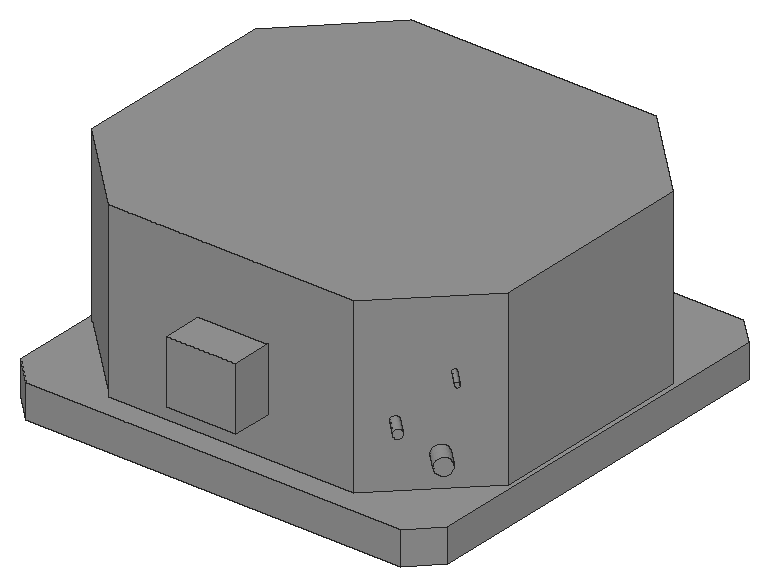
Revit family "Trane_TVR_Indoor_Compact 4-way Cassette_4TVB0007(09,12,15)EF000AA(2nd DC)", category Equipamento mecânico, Revit 2019
Family settings
  Cota do conector redondo = Utilizar diâmetro
  Tipo de parte = Normal
  Número OmniClass = 23.75.00.00
  Título OmniClass = Climate Control (HVAC)
  Com base no plano de trabalho = Não
  Sempre na vertical = Sim
  Corte com vazios quando carregada = Não
  Compartilhado = Não
  Ponto de cálculo do ambiente = Não
Parameters (values of type "4TVB0015EF000AA")
  clearance access right = 1000.000 mm
  clearance access left = 1000.000 mm
  clearance access front = 1000.000 mm
  clearance access behind = 1000.000 mm
  clearance [instance] = no
  Width = 630.000 mm
  URL = "https://www.trane.com/commercial/latin-america/br/pt.html"
  Series = "TVR ULTRA"
  Power supply = "220-240V ~50/60Hz"
  Panel color = "S1004"
  Net Weight = 19.20 kg
  Modelo = "4TVB0015EF000AA"
  Minimum Circuit Amps = 0.480 A
  Maximum Fuse Amps = 15.000 A
  Fabricante = "Trane"
  Machine material = grilles：ABS/HIPS
  Liquid pipe = 6.350 mm
  Installation = "Indoor installation"
  Height = 260.000 mm
  Heating Power Input = 50 W
  Heating Capacity = 5 kW
  Gas pipe = 12.700 mm
  Gas = "R410a"
  Drain pipe = 32.000 mm
  Descrição = "High efficiency air cooled"
  Depth = 570.000 mm
  Cooling Power Input = 50 W
  Cooling Capacity = 4.5 kW
  Condensation = "air"
  Air Flow = "521/485/450/409/380/350/314m3/h"
Types (5, lengths in mm): name | Net Weight | Modelo | Minimum Circuit Amps | Heating Power Input | Heating Capacity | Cooling Power Input | Cooling Capacity | Air Flow
  (no name) | 19.20 kg | "4TVB0015EF000AA" | 0.480 A | 50 W | 5 kW | 50 W | 4.5 kW | "521/485/450/409/380/350/314m3/h"
  4TVB0007EF000AA | 18.00 kg | "4TVB0007EF000AA" | 0.430 A | 35 W | 2.4 kW | 35 W | 2.2 kW | "414/380/345/313/288/268/238m3/h"
  4TVB0009EF000AA | 18.00 kg | "4TVB0009EF000AA" | 0.430 A | 35 W | 3.2 kW | 35 W | 2.8 kW | "414/380/345/313/288/268/238m3/h"
  4TVB0012EF000AA | 19.20 kg | "4TVB0012EF000AA" | 0.480 A | 40 W | 4 kW | 40 W | 3.6 kW | "521/485/450/409/380/350/314m3/h"
  4TVB0015EF000AA | 19.20 kg | "4TVB0015EF000AA" | 0.480 A | 50 W | 5 kW | 50 W | 4.5 kW | "521/485/450/409/380/350/314m3/h"
Reference planes
  plane 1 "中心(前/后)": y = 0
  plane 2: z = 0
  plane 3 "中心(左/右)": x = 0
  plane 4: x = 323.5
Forms (mm)
  Extrusion 1, solid, material "grilles：ABS/HIPS" <- "Machine material", detail levels medium+fine
    sketch origin (0, 0, 0) x (1, 0, 0) y (0, 1, 0)
      loop
        line (-315, 155) -> (-315, -155) -> (-185, -285) -> (185, -285) -> (315, -155) -> (315, 155) -> (185, 285) -> (-185, 285) -> (-315, 155)
    from 50 to 310
  Extrusion 2, solid, material "grilles：ABS/HIPS" <- "Machine material", detail levels medium+fine
    sketch origin (0, 3.5, 0) x (1, 0, 0) y (0, 1, 0)
      loop
        line (-323.5, 283.5) -> (-323.5, -283.5) -> (-283.5, -323.5) -> (283.5, -323.5) -> (323.5, -283.5) -> (323.5, 283.5) -> (283.5, 323.5) -> (-283.5, 323.5) -> (-323.5, 283.5)
    from 50 to 0
  Extrusion 3, solid, material "grilles：ABS/HIPS" <- "Machine material", detail levels fine
    sketch origin (235.178, -267.322, 1243.75) x (-0.707107, -0.707107, 0) y (0, 0, 1)
      loop
        circle (-54.639, -1145.758) r 12.5
    from -11.86 to 22.981
  Extrusion 4, solid, material "grilles：ABS/HIPS" <- "Machine material", detail levels fine
    sketch origin (242.574, -227.426, 37.5) x (-0.707107, -0.707107, 0) y (0, 0, -1)
      loop
        circle (33.118, -108.167) r 6.35
    from 0 to 34.841
  Extrusion 5, solid, material "grilles：ABS/HIPS" <- "Machine material", detail levels fine
    sketch origin (270.858, -199.142, 50) x (-0.707107, -0.707107, 0) y (0, 0, -1)
      loop
        circle (2.293, -158.033) r 3.175
    from 0 to 34.841
  Extrusion 6, solid, material "grilles：ABS/HIPS" <- "Machine material", detail levels fine
    sketch origin (0, 0, 0) x (1, 0, 0) y (0, 1, 0)
      loop
        line (-50, -285) -> (-50, -345) -> (55, -345) -> (55, -285) -> (-50, -285)
    from 110.028 to 205.396
Lines and regions (mm)
  model lines, detail levels fine
    curve 1: circle (293.873, -225.399, 208.033) r 1.35 normal (0.7071, -0.7071, 0)
    curve 2: line (-160, 203.5, 0) -> (160, 203.5, 0)
    curve 3: line (200, 163.5, 0) -> (200, -156.5, 0)
    curve 4: line (160, -196.5, 0) -> (-160, -196.5, 0)
    curve 5: line (-200, -156.5, 0) -> (-200, 163.5, 0)
    curve 6: arc (160, 203.5, 0) -> (188.284, 191.784, 0) -> (200, 163.5, 0) r 40
    curve 7: arc (200, -156.5, 0) -> (188.284, -184.784, 0) -> (160, -196.5, 0) r 40
    curve 8: arc (-160, -196.5, 0) -> (-188.284, -184.784, 0) -> (-200, -156.5, 0) r 40
    curve 9: arc (-160, 203.5, 0) -> (-188.284, 191.784, 0) -> (-200, 163.5, 0) r 40
    curve 10: line (-180, 223.5, 0) -> (170, 223.5, 0)
    curve 11: line (-220, -166.5, 0) -> (-220, 183.5, 0)
    curve 12: line (170, -216.5, 0) -> (-170, -216.5, 0)
    curve 13: line (220, 173.5, 0) -> (220, -166.5, 0)
    curve 14: arc (220, 173.5, 0) -> (205.355, 208.855, 0) -> (170, 223.5, 0) r 50
    curve 15: arc (170, -216.5, 0) -> (205.355, -201.855, 0) -> (220, -166.5, 0) r 50
    curve 16: arc (-170, -216.5, 0) -> (-205.355, -201.855, 0) -> (-220, -166.5, 0) r 50
    curve 17: arc (-180, 223.5, 0) -> (-208.284, 211.784, 0) -> (-220, 183.5, 0) r 40
    curve 18: line (160, 203.5, 0) -> (160, -196.5, 0)
    curve 19: line (-180, 198.141, 0) -> (-180, -191.141, 0)
    curve 20: line (180, 198.141, 0) -> (180, -191.141, 0)
    curve 21: line (194.641, 183.5, 0) -> (-194.641, 183.5, 0)
    curve 22: line (194.641, -176.5, 0) -> (-194.641, -176.5, 0)
    curve 23: line (-270, 223.5, 0) -> (-270, -216.5, 0)
    curve 24: line (270, 223.5, 0) -> (270, -216.5, 0)
    curve 25: line (-220, 273.5, 0) -> (220, 273.5, 0)
    curve 26: line (-220, -266.5, 0) -> (220, -266.5, 0)
    curve 27: arc (220, 273.5, 0) -> (255.355, 258.855, 0) -> (270, 223.5, 0) r 50
    curve 28: arc (-220, 273.5, 0) -> (-255.355, 258.855, 0) -> (-270, 223.5, 0) r 50
    curve 29: arc (-220, -266.5, 0) -> (-255.355, -251.855, 0) -> (-270, -216.5, 0) r 50
    curve 30: arc (220, -266.5, 0) -> (255.355, -251.855, 0) -> (270, -216.5, 0) r 50
    curve 31: line (160, 223.5, 0) -> (188.868, 273.5, 0)
    curve 32: line (-160, 223.5, 0) -> (-188.868, 273.5, 0)
    curve 33: line (160, -216.5, 0) -> (188.868, -266.5, 0)
    curve 34: line (-160, -216.5, 0) -> (-188.868, -266.5, 0)
    curve 35: line (220, 163.5, 0) -> (270, 192.368, 0)
    curve 36: line (220, -156.5, 0) -> (270, -185.368, 0)
    curve 37: line (-220, 163.5, 0) -> (-270, 192.368, 0)
    curve 38: line (-220, -156.5, 0) -> (-270, -185.368, 0)
    curve 39: line (-180, 258.141, 0) -> (180, 258.141, 0)
    curve 40: line (174.434, 248.5, 0) -> (-174.434, 248.5, 0)
    curve 41: line (168.864, 238.854, 0) -> (-168.864, 238.854, 0)
    curve 42: line (254.641, 183.5, 0) -> (254.641, -176.5, 0)
    curve 43: line (245, -170.934, 0) -> (245, 177.934, 0)
    curve 44: line (234.145, 171.667, 0) -> (234.145, -164.667, 0)
    curve 45: line (180, -251.141, 0) -> (-180, -251.141, 0)
    curve 46: line (-174.434, -241.5, 0) -> (174.434, -241.5, 0)
    curve 47: line (168.559, -231.324, 0) -> (-168.559, -231.324, 0)
    curve 48: line (-254.641, -176.5, 0) -> (-254.641, 183.5, 0)
    curve 49: line (-245, 177.934, 0) -> (-245, -170.934, 0)
    curve 50: line (-235.935, -165.7, 0) -> (-235.935, 172.7, 0)
    curve 51: line (200, -156.5, 0) -> (-200, -156.5, 0)
    curve 52: line (200, -136.5, 0) -> (-200, -136.5, 0)
    curve 53: line (200, -116.5, 0) -> (-200, -116.5, 0)
    curve 54: line (200, -96.5, 0) -> (-200, -96.5, 0)
    curve 55: line (200, -76.5, 0) -> (-200, -76.5, 0)
    curve 56: line (200, -56.5, 0) -> (-200, -56.5, 0)
    curve 57: line (200, -36.5, 0) -> (-200, -36.5, 0)
    curve 58: line (200, -16.5, 0) -> (-200, -16.5, 0)
    curve 59: line (200, 3.5, 0) -> (-200, 3.5, 0)
    curve 60: line (200, 23.5, 0) -> (-200, 23.5, 0)
    curve 61: line (200, 43.5, 0) -> (-200, 43.5, 0)
    curve 62: line (200, 63.5, 0) -> (-200, 63.5, 0)
    curve 63: line (200, 83.5, 0) -> (-200, 83.5, 0)
    curve 64: line (200, 103.5, 0) -> (-200, 103.5, 0)
    curve 65: line (200, 123.5, 0) -> (-200, 123.5, 0)
    curve 66: line (200, 143.5, 0) -> (-200, 143.5, 0)
    curve 67: line (200, 163.5, 0) -> (-200, 163.5, 0)
    curve 68: line (-160, 203.5, 0) -> (-160, -196.5, 0)
    curve 69: line (-140, 203.5, 0) -> (-140, -196.5, 0)
    curve 70: line (-120, 203.5, 0) -> (-120, -196.5, 0)
    curve 71: line (-100, 203.5, 0) -> (-100, -196.5, 0)
    curve 72: line (-80, 203.5, 0) -> (-80, -196.5, 0)
    curve 73: line (-60, 203.5, 0) -> (-60, -196.5, 0)
    curve 74: line (-40, 203.5, 0) -> (-40, -196.5, 0)
    curve 75: line (-20, 203.5, 0) -> (-20, -196.5, 0)
    curve 76: line (0, 203.5, 0) -> (0, -196.5, 0)
    curve 77: line (20, 203.5, 0) -> (20, -196.5, 0)
    curve 78: line (40, 203.5, 0) -> (40, -196.5, 0)
    curve 79: line (60, 203.5, 0) -> (60, -196.5, 0)
    curve 80: line (80, 203.5, 0) -> (80, -196.5, 0)
    curve 81: line (100, 203.5, 0) -> (100, -196.5, 0)
    curve 82: line (120, 203.5, 0) -> (120, -196.5, 0)
    curve 83: line (140, 203.5, 0) -> (140, -196.5, 0)
  model lines
    curve 84: line (-315, -155, 310) -> (-315, 155, 310)
    curve 85: line (-315, 155, 310) -> (-185, 285, 310)
    curve 86: line (-185, 285, 310) -> (185, 285, 310)
    curve 87: line (185, 285, 310) -> (315, 155, 310)
    curve 88: line (315, 155, 310) -> (315, -155, 310)
    curve 89: line (315, -155, 310) -> (185, -285, 310)
    curve 90: line (185, -285, 310) -> (-185, -285, 310)
    curve 91: line (-185, -285, 310) -> (-315, -155, 310)
    curve 92: line (-315, -155, 50) -> (-315, 155, 50)
    curve 93: line (-315, 155, 50) -> (-185, 285, 50)
    curve 94: line (-185, 285, 50) -> (185, 285, 50)
    curve 95: line (185, 285, 50) -> (315, 155, 50)
    curve 96: line (315, 155, 50) -> (315, -155, 50)
    curve 97: line (315, -155, 50) -> (185, -285, 50)
    curve 98: line (185, -285, 50) -> (-185, -285, 50)
    curve 99: line (-185, -285, 50) -> (-315, -155, 50)
    curve 100: line (315, -155, 34) -> (315, -155, 310)
    curve 101: line (315, 155, 34) -> (315, 155, 310)
    curve 102: line (185, 285, 310) -> (185, 285, 50)
    curve 103: line (-185, 285, 310) -> (-185, 285, 50)
    curve 104: line (-315, -155, 310) -> (-315, -155, 50)
    curve 105: line (-315, 155, 50) -> (-315, 155, 310)
    curve 106: line (-185, -285, 310) -> (-185, -285, 50)
    curve 107: line (185, -285, 310) -> (185, -285, 50)
    curve 108: line (-283.5, 327, 50) -> (283.5, 327, 50)
    curve 109: line (283.5, 327, 50) -> (323.5, 287, 50)
    curve 110: line (323.5, 287, 50) -> (323.5, -280, 50)
    curve 111: line (323.5, -280, 50) -> (283.5, -320, 50)
    curve 112: line (283.5, -320, 50) -> (-283.5, -320, 50)
    curve 113: line (-283.5, -320, 50) -> (-323.5, -280, 50)
    curve 114: line (-323.5, -280, 50) -> (-323.5, 287, 50)
    curve 115: line (-323.5, 287, 50) -> (-283.5, 327, 50)
    curve 116: line (-283.5, -320, 0) -> (283.5, -320, 0)
    curve 117: line (283.5, -320, 0) -> (323.5, -280, 0)
    curve 118: line (323.5, -280, 0) -> (323.5, 287, 0)
    curve 119: line (323.5, 287, 0) -> (283.5, 327, 0)
    curve 120: line (283.5, 327, 0) -> (-283.5, 327, 0)
    curve 121: line (-283.5, 327, 0) -> (-323.5, 287, 0)
    curve 122: line (-323.5, 287, 0) -> (-323.5, -280, 0)
    curve 123: line (-323.5, -280, 0) -> (-283.5, -320, 0)
    curve 124: line (-283.5, -320, 50) -> (-283.5, -320, 0)
    curve 125: line (283.5, -320, 0) -> (283.5, -320, 50)
    curve 126: line (323.5, -280, 50) -> (323.5, -280, 0)
    curve 127: line (323.5, 287, 0) -> (323.5, 287, 50)
    curve 128: line (283.5, 327, 0) -> (283.5, 327, 50)
    curve 129: line (-283.5, 327, 0) -> (-283.5, 327, 50)
    curve 130: line (-323.5, 287, 0) -> (-323.5, 287, 50)
    curve 131: line (-323.5, -280, 0) -> (-323.5, -280, 50)
Dimensions and locks
  "Height": Extrusion 1 to Extrusion 1
  "Depth": Extrusion 1 to Extrusion 1
  Extrusion 2 to Extrusion 2 = 50.000 mm
  "Width": Extrusion 1 to Extrusion 1
  "Gas pipe": diameter of Extrusion 4
  "Liquid pipe": diameter of Extrusion 5
  aligned and locked: level to plane 2
Automatic sketch dimensions
  Extrusion 1 sketch curve to plane 3 "中心(左/右)" = 315.000 mm
  plane 1 "中心(前/后)" to Extrusion 1 sketch curve = 285.000 mm
  Extrusion 1 sketch curve to Extrusion 1 sketch curve = 130.000 mm  (x5)
  plane 4 to Extrusion 1 sketch curve = 138.500 mm  (x2)
  plane 4 to Extrusion 1 sketch curve = 8.500 mm
  Extrusion 1 sketch curve to plane 1 "中心(前/后)" = 155.000 mm  (x2)
  Extrusion 2 sketch curve to plane 4 = 0.000 mm
  plane 4 to Extrusion 2 sketch curve = 40.000 mm  (x2)
  plane 1 "中心(前/后)" to Extrusion 2 sketch curve = 320.000 mm
  Extrusion 2 sketch curve to plane 3 "中心(左/右)" = 283.500 mm  (x2)
  Extrusion 2 sketch curve to Extrusion 2 sketch curve = 40.000 mm  (x4)
  Extrusion 2 sketch curve to plane 1 "中心(前/后)" = 287.000 mm  (x2)
  level to Extrusion 3 sketch curve = 97.992 mm
  Extrusion 1 to Extrusion 4 sketch curve = 48.303 mm
  Extrusion 1 to Extrusion 4 sketch curve = 95.667 mm
  Extrusion 5 sketch curve to Extrusion 1 = 64.719 mm
  Extrusion 1 to Extrusion 5 sketch curve = 101.967 mm
  curve 123 to Extrusion 2 = 0.000 mm  (x4)
  curve 120 to Extrusion 2 = 0.000 mm  (x2)
  Extrusion 2 to curve 120 = 0.000 mm
  curve 116 to Extrusion 2 = 0.000 mm
  Extrusion 2 to curve 118 = 0.000 mm
  curve 118 to Extrusion 2 = 0.000 mm
  curve 117 to Extrusion 2 = 0.000 mm
  curve 122 to Extrusion 2 = 0.000 mm
  Extrusion 2 to curve 23 = 53.500 mm
  curve 38 to curve 11 = 50.000 mm
  Extrusion 2 to curve 25 = 53.500 mm
  curve 23 to curve 25 = 50.000 mm
  curve 29 to curve 26 = 50.000 mm
  curve 38 to curve 51 = 20.000 mm
  curve 28 to curve 10 = 40.000 mm
  curve 29 to curve 12 = 50.000 mm
  curve 17 to curve 2 = 20.000 mm
  Extrusion 2 to curve 4 = 163.500 mm
  curve 7 to curve 12 = 10.000 mm
  curve 18 to curve 10 = 10.000 mm
  curve 15 to curve 26 = 50.000 mm
  curve 10 to curve 25 = 50.000 mm
  curve 3 to curve 13 = 20.000 mm
  curve 27 to curve 24 = 50.000 mm
  curve 37 to curve 48 = 15.359 mm
  curve 48 to curve 49 = 9.641 mm
  curve 49 to curve 50 = 9.065 mm
  curve 21 to curve 17 = 14.641 mm
  curve 8 to curve 22 = 5.359 mm
  curve 28 to curve 32 = 31.132 mm
  Extrusion 2 to curve 34 = 53.500 mm
  curve 29 to curve 34 = 31.132 mm
  curve 32 to curve 39 = 8.868 mm
  curve 19 to curve 17 = 0.000 mm
  curve 34 to curve 45 = 8.868 mm
  curve 45 to curve 46 = 5.566 mm
  curve 39 to curve 40 = 5.566 mm
  curve 40 to curve 41 = 5.569 mm
  curve 46 to curve 47 = 5.875 mm
  Extrusion 2 to curve 32 = 103.500 mm
  curve 41 to curve 32 = 8.864 mm
  Extrusion 2 to curve 34 = 103.500 mm
  curve 12 to curve 34 = 10.000 mm
  curve 4 to curve 69 = 20.000 mm
  curve 69 to curve 70 = 20.000 mm
  curve 70 to curve 71 = 20.000 mm
  curve 71 to curve 72 = 20.000 mm
  curve 72 to curve 73 = 20.000 mm
  curve 73 to curve 74 = 20.000 mm
  curve 74 to curve 75 = 20.000 mm
  curve 75 to curve 76 = 20.000 mm
  curve 76 to curve 77 = 20.000 mm
  curve 77 to curve 78 = 20.000 mm
  curve 78 to curve 79 = 20.000 mm
  curve 79 to curve 80 = 20.000 mm
  curve 80 to curve 81 = 20.000 mm
  curve 81 to curve 82 = 20.000 mm
  curve 83 to curve 18 = 20.000 mm
  curve 33 to curve 12 = 10.000 mm
  curve 31 to curve 14 = 10.000 mm
  curve 47 to curve 12 = 1.441 mm
  curve 41 to curve 14 = 1.136 mm
  curve 18 to curve 20 = 20.000 mm
  curve 15 to curve 44 = 14.145 mm
  curve 44 to curve 43 = 10.855 mm
  curve 43 to curve 42 = 9.641 mm
  curve 34 to curve 68 = 20.000 mm
  curve 5 to curve 17 = 20.000 mm
  curve 23 to curve 38 = 31.132 mm
  curve 24 to curve 36 = 31.132 mm
  curve 36 to curve 42 = 8.868 mm
  curve 38 to curve 48 = 8.868 mm
  curve 51 to curve 52 = 20.000 mm
  curve 52 to curve 53 = 20.000 mm
  curve 53 to curve 54 = 20.000 mm
  curve 54 to curve 55 = 20.000 mm
  curve 55 to curve 56 = 20.000 mm
  curve 56 to curve 57 = 20.000 mm
  curve 57 to curve 58 = 20.000 mm
  curve 58 to curve 59 = 20.000 mm
  curve 59 to curve 60 = 20.000 mm
  curve 60 to curve 61 = 20.000 mm
  curve 61 to curve 62 = 20.000 mm
  curve 62 to curve 63 = 20.000 mm
  curve 63 to curve 64 = 20.000 mm
  curve 64 to curve 65 = 20.000 mm
  curve 66 to curve 5 = 20.000 mm
  curve 35 to curve 13 = 10.000 mm
  curve 37 to curve 67 = 0.000 mm
  curve 44 to curve 13 = 1.833 mm
  curve 37 to curve 50 = 9.200 mm
  curve 103 to Extrusion 1 = 0.000 mm  (x3)
  curve 102 to Extrusion 1 = 0.000 mm  (x3)
  curve 106 to Extrusion 1 = 0.000 mm  (x3)
  curve 107 to Extrusion 1 = 0.000 mm  (x3)
  Extrusion 6 sketch curve to plane 3 "中心(左/右)" = 50.000 mm
  plane 1 "中心(前/后)" to Extrusion 6 sketch curve = 345.000 mm
  plane 3 "中心(左/右)" to Extrusion 6 sketch curve = 55.000 mm
  Extrusion 6 sketch curve to Extrusion 6 sketch curve = 60.000 mm
  Extrusion 1 to curve 84 = 0.000 mm
  curve 86 to Extrusion 1 = 0.000 mm  (x2)
  Extrusion 1 to curve 90 = 0.000 mm
  curve 90 to Extrusion 1 = 0.000 mm  (x2)
  curve 87 to Extrusion 1 = 0.000 mm
  Extrusion 1 to curve 89 = 0.000 mm  (x2)
  curve 84 to Extrusion 1 = 0.000 mm  (x2)
  curve 88 to Extrusion 1 = 0.000 mm
  curve 113 to Extrusion 2 = 0.000 mm  (x2)
  curve 108 to Extrusion 2 = 0.000 mm  (x3)
  Extrusion 2 to curve 112 = 0.000 mm
  curve 112 to Extrusion 2 = 0.000 mm  (x2)
  curve 109 to Extrusion 2 = 0.000 mm  (x2)
  Extrusion 2 to curve 110 = 0.000 mm
  curve 115 to Extrusion 2 = 0.000 mm
  curve 92 to Extrusion 2 = 8.500 mm
  curve 98 to Extrusion 2 = 35.000 mm
  curve 112 to curve 98 = 98.500 mm
  curve 93 to Extrusion 2 = 42.000 mm
  curve 108 to curve 93 = 98.500 mm
  curve 98 to curve 111 = 98.500 mm
  curve 94 to curve 108 = 98.500 mm
  curve 96 to Extrusion 2 = 8.500 mm
  curve 110 to curve 96 = 125.000 mm
  curve 113 to curve 92 = 125.000 mm
  curve 95 to curve 109 = 132.000 mm
  curve 93 to curve 114 = 132.000 mm
  curve 101 to Extrusion 1 = 0.000 mm
  curve 100 to Extrusion 1 = 0.000 mm  (x2)
  Extrusion 1 to curve 101 = 0.000 mm
  curve 101 to Extrusion 1 = 16.000 mm
  curve 100 to Extrusion 1 = 16.000 mm
  curve 105 to Extrusion 1 = 0.000 mm  (x3)
  curve 104 to Extrusion 1 = 0.000 mm  (x2)
  Extrusion 1 to curve 104 = 0.000 mm
  curve 125 to Extrusion 2 = 0.000 mm  (x3)
  curve 124 to Extrusion 2 = 0.000 mm  (x3)
  curve 127 to Extrusion 2 = 0.000 mm  (x2)
  curve 126 to Extrusion 2 = 0.000 mm  (x3)
  Extrusion 2 to curve 127 = 0.000 mm
  curve 129 to Extrusion 2 = 0.000 mm  (x3)
  curve 128 to Extrusion 2 = 0.000 mm  (x2)
  Extrusion 2 to curve 128 = 0.000 mm
  curve 130 to Extrusion 2 = 0.000 mm  (x3)
  Extrusion 2 to curve 131 = 0.000 mm
  curve 131 to Extrusion 2 = 0.000 mm  (x2)
  radius of Extrusion 3 sketch curve = 12.500 mm
  radius of Extrusion 4 sketch curve = 6.350 mm
  radius of Extrusion 5 sketch curve = 3.175 mm
  radius of curve 1 to Extrusion 5 = 1.825 mm
Connectors
  piping at (243.792, -275.48, 145.667), diameter 12.7
    settings: on Extrusion 4, index 2, connector inside diameter 12.7 mm, connector length 0.000 mm, flow factor 0, pipe flow 0.0 m³/h, pressure drop 0.0 Pa, fitting loss kfactor 0, connector angle 0.00°, fixture units 0, engagement length 0.000 mm, angle of deflection 0.00°, flow configuration 1, flow direction 0, fitting loss method 4, system type 22, joint type 0, gender type 0, connector reference index -1, connector utility 0, adjustable connector no, is connector primary yes, connector description "Gas pipe Φ12.7mm"
  piping at (282.199, -237.073, 97.992), diameter 25
    settings: on Extrusion 3, index 5, connector inside diameter 25 mm, connector length 0.000 mm, flow factor 0, pipe flow 0.0 m³/h, pressure drop 0.0 Pa, fitting loss kfactor 0, connector angle 0.00°, fixture units 0, engagement length 0.000 mm, angle of deflection 0.00°, flow configuration 1, flow direction 0, fitting loss method 0, system type 29, joint type 0, gender type 0, connector reference index -1, connector utility 0, adjustable connector no, is connector primary no, connector description "Drain pipe Φ25mm"
  piping at (293.873, -225.399, 208.033), diameter 6.35
    settings: on Extrusion 5, index 6, connector inside diameter 6.35 mm, connector length 0.000 mm, flow factor 0, pipe flow 0.0 m³/h, pressure drop 0.0 Pa, fitting loss kfactor 0, connector angle 0.00°, fixture units 0, engagement length 0.000 mm, angle of deflection 0.00°, flow configuration 1, flow direction 0, fitting loss method 4, system type 22, joint type 0, gender type 0, connector reference index -1, connector utility 0, adjustable connector no, is connector primary no, connector description "Liquid pipe Φ6.35mm"
  electrical at (-250, -220, 180)
    settings: on Extrusion 1, index 7, voltage 220 V, apparent load 0 VA, apparent load phase1 0 VA, apparent load phase2 0 VA, apparent load phase3 0 VA, power factor 1, load classification "Power", number of poles 1, system type 30, power factor state 1, is connector primary yes, connector utility no, sub classification motor no, connector description "The location of electrical connectors is not the same as the actual location because the wiring terminal is inside the unit."
